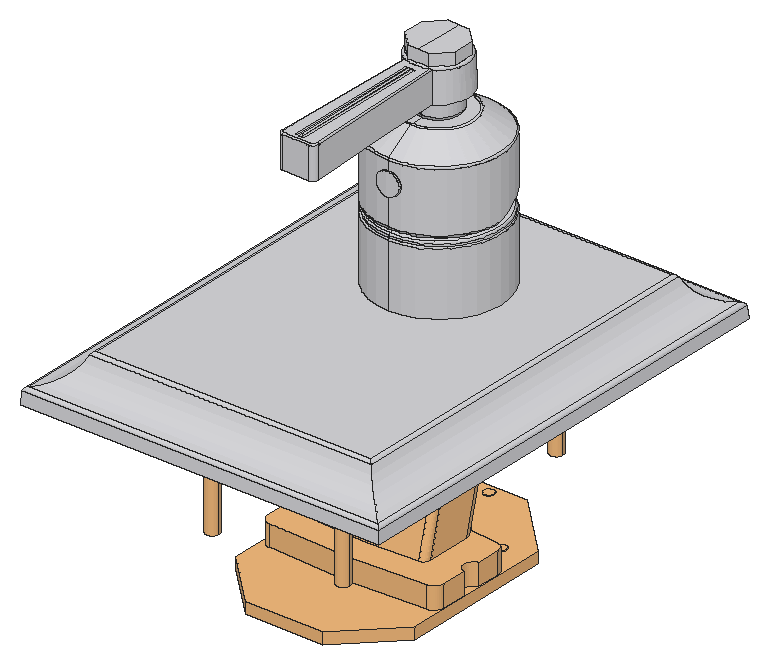
Revit family "Shower-Valve_Trim-KOHLER-MODULO-K-99965T_1", category Plumbing Fixtures, host Face, Revit 2017
Family settings
  Host = Face
  Round Connector Dimension = Use Diameter
  Part Type = Normal
  OmniClass Number = 23.31.25.00
  OmniClass Title = Toilet and Bath Specialties
  Cut with Voids When Loaded = No
  Shared = No
  Room Calculation Point = No
Parameters (values of type "CP-Polished Chrome")
  Width = 5 131/256"  # constant formula
  WaterSense Certified = 1 = 0  # no
  Waste Water Outlet = "Waste Water Outlet"  # constant formula
  Waste Connection = 1 = 0  # no
  Vent Connection = 1 = 0  # no
  URL = "http://www.kohler.com.cn/"
  Type = 1
  Tempered Water Outlet 2 = "Tempered Water Outlet 2"  # constant formula
  Tempered Water Outlet 1 = "Tempered Water Outlet 1"  # constant formula
  Product Page URL = ""
  Product Name = "MODULO"  # constant formula
  Product Documentation Link = ""
  Pressure = 0.00 psi
  Model = "K-99965T-4A-CP"  # constant formula
  Material = "Premium Metal Construction"  # constant formula
  Master Format 2014 Name = "Residential Showers"  # constant formula
  Master Format 2014 = "22 42 23"  # constant formula
  Manufacturer Address = "Kohler Beijing Office (100016) 36-2-03-B, No. 88, Liuxiang Road, Beijing"  # constant formula
  Manufacturer = "KOHLER Co."  # constant formula
  Length = 4 1/64"  # constant formula
  Hot Water Inlet = "Hot Water Inlet"  # constant formula
  Height = 7 11/128"  # constant formula
  Handle Clearance = 2 97/128"  # constant formula
  HW Connection = 1 = 1  # yes
  Flow Rate = 0 GPM
  Finish = Kohler-Metal-CP-Polished_Chrome
  Environmental Product Declaration = ""
  Drain Included = 1 = 0  # no
  Description = "Classic shower only trim and valve"  # constant formula
  Default Elevation = 42"
  Declare Label = ""
  Date Modified = "07/31/2020"  # constant formula
  Date Created = "07/31/2020"  # constant formula
  Copyright = "Copyright KOHLER Co."  # constant formula
  Contact Us = "http://www.kohler.com.cn/contact/contact-us/"
  Cold Water Inlet = "Cold Water Inlet"  # constant formula
  CW Connection = 1 = 1  # yes
  Assembly Code = "D2010700"
  ADA Compliant = 1 = 0  # no
Reference planes (in)
  plane 1 "Center (Front/Back)": y = 0
  plane 2: z = 0
  plane 3 "Center (Left/Right)": x = 0
  plane 4: y = 3.54331
  plane 5: y = -3.54263
  plane 6: x = -2.75591
  plane 7: x = 2.75581
  plane 8: y = 1.04331
  plane 9: x = -0.96457
  plane 10: x = 0.96457
  plane 11: y = 2.00787
  plane 12: y = 0.07874
  plane 13: y = -1.71451
  plane 14: z = 0.66929
  plane 15: z = 4.01562
  plane 16: z = -2.84375
  plane 17: z = 3.81474
  plane 18: z = 3.33575
Forms (in)
  Extrusion 1, void
    sketch origin (0, 0, 0) x (1, 0, 0) y (0, 1, 0)
      loop
        arc (-1.96687, -2.01822) -> (-1.67397, -2.72533) -> (-0.96687, -3.01822) r 1
        line (-0.96687, -3.01822) -> (0.97014, -3.01822)
        arc (0.97014, -3.01822) -> (1.67718, -2.72536) -> (1.97005, -2.01832) r 0.99991
        line (1.97005, -2.01832) -> (1.97005, 2.0073)
        arc (1.97005, 2.0073) -> (1.67718, 2.71435) -> (0.97014, 3.00721) r 0.99991
        line (0.97014, 3.00721) -> (-0.96687, 3.00721)
        arc (-0.96687, 3.00721) -> (-1.67397, 2.71432) -> (-1.96687, 2.00721) r 1
        line (-1.96687, 2.00721) -> (-1.96687, -2.01822)
    from 0 to -2.84375
Dimensions and locks (in)
  "Width": plane 6 to plane 7
  "Height": plane 4 to plane 5
  locked: plane 14 to plane 2 at 0.66929
  "Length": plane 15 to plane 2
  "Handle Clearance": plane 8 to plane 13
  aligned and locked: plane 2 to host face
  aligned and locked: level to host face
Automatic sketch dimensions
  host sketch curve to host sketch curve = 96"  (x2)
  Extrusion 1 sketch curve to plane 6 = 0.78904"
  plane 9 to Extrusion 1 sketch curve = 0.0023"  (x2)
  plane 10 to Extrusion 1 sketch curve = 0.00558"  (x2)
  plane 13 to Extrusion 1 sketch curve = 0.30381"
  Extrusion 1 sketch curve to plane 7 = 0.78576"
  plane 11 to Extrusion 1 sketch curve = 0.00066"
Nested families (in)
  nested 1: "K-99965T" at (0, 0, 0), type "K-99965T"
Connectors (in)
  piping at (-0.96457, 1.04331, -2.84375), diameter 0.5, driven by "HW Connection", driven by "Hot Water Inlet"
    settings: on nested 1, index 1, connector inside diameter 24", connector length 0", flow factor 0, pipe flow 0 GPM, pressure drop 0.00 psi, fitting loss kfactor 0, connector angle 0.00°, fixture units 0, engagement length 0", angle of deflection 0.00°, flow configuration 0, flow direction 1, fitting loss method 0, system type 19, joint type 0, gender type 0, connector reference index -1, connector utility 1, adjustable connector no, is connector primary yes, connector description "Hot Water Inlet"
  piping at (0.96457, 1.04331, -2.84375), diameter 0.5, driven by "CW Connection", driven by "Cold Water Inlet"
    settings: on nested 1, index 2, connector inside diameter 24", connector length 0", flow factor 0, pipe flow 0 GPM, pressure drop 0.00 psi, fitting loss kfactor 0, connector angle 0.00°, fixture units 0, engagement length 0", angle of deflection 0.00°, flow configuration 0, flow direction 1, fitting loss method 0, system type 20, joint type 0, gender type 0, connector reference index -1, connector utility 1, adjustable connector no, is connector primary no, connector description "Cold Water Inlet"
  piping at (0, 0.07874, -2.84375), diameter 0.5, driven by "HW Connection", driven by "Tempered Water Outlet 2"
    settings: on nested 1, index 3, connector inside diameter 24", connector length 0", flow factor 0, pipe flow 0 GPM, pressure drop 0.00 psi, fitting loss kfactor 0, connector angle 0.00°, fixture units 0, engagement length 0", angle of deflection 0.00°, flow configuration 0, flow direction 2, fitting loss method 0, system type 19, joint type 0, gender type 0, connector reference index -1, connector utility 1, adjustable connector no, is connector primary no, connector description "Tempered Water Outlet 2"
  piping at (0, 2.00787, -2.84375), diameter 0.5, driven by "HW Connection", driven by "Tempered Water Outlet 1"
    settings: on nested 1, index 4, connector inside diameter 24", connector length 0", flow factor 0, pipe flow 0 GPM, pressure drop 0.00 psi, fitting loss kfactor 0, connector angle 0.00°, fixture units 0, engagement length 0", angle of deflection 0.00°, flow configuration 0, flow direction 2, fitting loss method 0, system type 19, joint type 0, gender type 0, connector reference index -1, connector utility 1, adjustable connector no, is connector primary no, connector description "Tempered Water Outlet 1"
Definition of nested family "K-99965T"
  Parameters (values of type "K-99965T")
    Material = none
  Reference planes (in)
    plane 1 "Center (Front/Back)": y = 0
    plane 2: z = 0
    plane 3 "Center (Left/Right)": x = 0
    plane 4: x = -2.75591
    plane 5: x = 2.75591
    plane 6: y = 3.54331
    plane 7: y = -3.54331
    plane 8: z = 0.66929
    plane 9: z = 4.01575
    plane 10 "X": y = 1.04331
    plane 11: y = 2.00787
    plane 12: y = 0.07874
    plane 13: x = -0.96457
    plane 14: x = 0.96457
    plane 15: y = -1.7126
  Forms (in)
    Sweep 1, solid, material <- "Material", detail levels medium+fine
      path origin (0, 0, 0) x (1, 0, 0) y (0, 1, 0)
        loop
          line (-2.75591, 3.54331) -> (-2.75591, -3.54331) -> (2.75591, -3.54331) -> (2.75591, 3.54331) -> (-2.75591, 3.54331)
      profile origin (0, 3.54331, 0) x (0, 1, 0) y (0, 0, 1)
        loop
          line (0, 0) -> (-0.01602, 0.18307)
          arc (-0.01602, 0.18307) -> (-0.03369, 0.22088) -> (-0.07158, 0.23842) r 0.06087
          arc (-0.07158, 0.23842) -> (-0.39037, 0.35915) -> (-0.59715, 0.63016) r 0.61997
          arc (-0.59715, 0.63016) -> (-0.61978, 0.65858) -> (-0.6545, 0.66929) r 0.06159
          line (-0.6545, 0.66929) -> (-0.88419, 0.66929) -> (-0.88419, 0) -> (0, 0)
    Extrusion 2, solid, material <- "Material", detail levels medium+fine
      sketch origin (0, 0, 0) x (1, 0, 0) y (0, 1, 0)
        loop
          line (-1.87172, 2.65912) -> (-1.87172, -2.65912) -> (1.87172, -2.65912) -> (1.87172, 2.65912) -> (-1.87172, 2.65912)
      from 0 to 0.66929
    Revolve 3, solid, material <- "Material", detail levels medium+fine
      sketch origin (0, 0, 0) x (0, 1, 0) y (0, 0, 1)
        loop
          line (1.04331, 0.66929) -> (1.04331, 2.18504) -> (0.35689, 2.18504)
          arc (0.35689, 2.18504) -> (0.29571, 2.03709) -> (0.27963, 1.8778) r 0.55127
          arc (0.27963, 1.8778) -> (0.25305, 1.78842) -> (0.1768, 1.73474) r 0.14216
          line (0.1768, 1.73474) -> (0.11785, 1.71784)
          arc (0.11785, 1.71784) -> (0.10351, 1.70798) -> (0.09799, 1.69148) r 0.02743
          line (0.09799, 1.69148) -> (0.09799, 1.65911)
          arc (0.09799, 1.65911) -> (0.08419, 1.65122) -> (0.07874, 1.63629) r 0.02315
          line (0.07874, 1.63629) -> (0.07874, 0.66929) -> (1.04331, 0.66929)
        axis (1.04331, 2.18504) -> (1.04331, 0.66929)
      angle from 0 to 360
    Revolve 4, solid, material <- "Material", detail levels medium+fine
      sketch origin (0, 0, 0) x (0, 1, 0) y (0, 0, 1)
        loop
          line (1.04331, 3.83409) -> (0.63659, 3.83409)
          arc (0.63659, 3.83409) -> (0.61228, 3.82427) -> (0.60162, 3.80032) r 0.035
          line (0.60162, 3.80032) -> (0.58539, 3.33575) -> (0.705, 3.33575) -> (0.71597, 3.07849)
          arc (0.71597, 3.07849) -> (0.72403, 3.05686) -> (0.74326, 3.04409) r 0.03736
          line (0.74326, 3.04409) -> (0.53559, 3.04409)
          arc (0.53559, 3.04409) -> (0.51899, 3.04161) -> (0.50383, 3.03438) r 0.0568
          line (0.50383, 3.03438) -> (0.09565, 2.75906)
          arc (0.09565, 2.75906) -> (0.08323, 2.74527) -> (0.07874, 2.72727) r 0.03835
          line (0.07874, 2.72727) -> (0.07874, 1.81617)
          arc (0.07874, 1.81617) -> (0.08813, 1.79351) -> (0.11078, 1.78413) r 0.03204
          line (0.11078, 1.78413) -> (1.04331, 1.78413) -> (1.04331, 3.83409)
        axis (1.04331, 3.83409) -> (1.04331, 1.78413)
      angle from 0 to 360
    Extrusion 5, solid, material <- "Material", detail levels medium+fine
      sketch origin (0, 0, 0) x (1, 0, 0) y (0, 0, 1)
        loop
          circle (0, 2.4221) r 0.17545
      from -0.33104 to 0.12575
    Extrusion 6, void
      sketch origin (0, 0, 0) x (0, 1, 0) y (0, 0, 1)
        loop
          line (0.81683, 1.75031) -> (2.06964, 1.75031) -> (2.06964, 2.18168) -> (0.81683, 1.75031)
      from -1.33673 to 1.49057
    Extrusion 7, void
      sketch origin (0, 0.05536, 0) x (1, 0, 0) y (0, 1, 0)
        loop
          line (-0.44538, 0.09826) -> (-0.44538, -0.25416) -> (0.43086, -0.25416) -> (0.43086, 0.09155)
          arc (0.43086, 0.09155) -> (-0.008, -0.0014) -> (-0.44538, 0.09826) r 1.04474
      from 2.18504 to 2.73281
    Extrusion 8, solid, detail levels medium+fine
      sketch origin (0.00389, -0.00101, 0) x (1, 0, 0) y (0, 1, 0)
        loop
          line (-0.97075, -3.0154) -> (0.96626, -3.0154)
          arc (0.96626, -3.0154) -> (1.67336, -2.72251) -> (1.96626, -2.0154) r 1
          line (1.96626, -2.0154) -> (1.96626, 2.00822)
          arc (1.96626, 2.00822) -> (1.67336, 2.71533) -> (0.96626, 3.00822) r 1
          line (0.96626, 3.00822) -> (-0.97075, 3.00822)
          arc (-0.97075, 3.00822) -> (-1.67786, 2.71533) -> (-1.97075, 2.00822) r 1
          line (-1.97075, 2.00822) -> (-1.97075, -2.0154)
          arc (-1.97075, -2.0154) -> (-1.67786, -2.72251) -> (-0.97075, -3.0154) r 1
      from -0.07982 to 0
    Extrusion 9, solid, detail levels medium+fine
      sketch origin (0.00291, 0.00652, 0) x (1, 0, 0) y (0, 1, 0)
        loop
          circle (1.00168, 2.04342) r 0.10271
        loop
          circle (1.00168, -2.05059) r 0.10271
        loop
          circle (-1.00617, 2.04342) r 0.10271
        loop
          circle (-1.00617, -2.05059) r 0.10271
      from -1.79044 to -0.07982
    Sweep 10, solid, detail levels medium+fine
      path origin (-0.00043, 0.00916, -0.00479) x (0, 1, 0) y (0, 0, 1)
        loop
          line (0.78311, -2.79502) -> (1.53342, 0.00517)
      profile origin (-0.00043, 1.16742, -1.39971) x (0, -0.965926, 0.258819) y (1, 0, 0)
        loop
          arc (0.25209, 0.486) -> (0.21961, 0.41977) -> (0.15089, 0.39299) r 0.10156
          line (0.15089, 0.39299) -> (0.11122, 0.39299)
          arc (0.11122, 0.39299) -> (0.04154, 0.36496) -> (0.01069, 0.29648) r 0.10061
          line (0.01069, 0.29648) -> (-0.00149, -0.00225) -> (0.01066, -0.30006)
          arc (0.01066, -0.30006) -> (0.0418, -0.36919) -> (0.11214, -0.39749) r 0.10156
          line (0.11214, -0.39749) -> (0.14307, -0.39749)
          arc (0.14307, -0.39749) -> (0.2118, -0.42427) -> (0.24427, -0.4905) r 0.10156
          line (0.24427, -0.4905) -> (0.26949, -0.78891)
          arc (0.26949, -0.78891) -> (0.30197, -0.85514) -> (0.37069, -0.88192) r 0.10156
          line (0.37069, -0.88192) -> (1.05187, -0.88192)
          arc (1.05187, -0.88192) -> (1.12185, -0.85397) -> (1.1533, -0.7855) r 0.10156
          line (1.1533, -0.7855) -> (1.19295, -0.00225) -> (1.15469, 0.75366)
          arc (1.15469, 0.75366) -> (1.12323, 0.82213) -> (1.05326, 0.85008) r 0.10156
          line (1.05326, 0.85008) -> (0.3762, 0.85008)
          arc (0.3762, 0.85008) -> (0.30747, 0.8233) -> (0.27499, 0.75707) r 0.10156
          line (0.27499, 0.75707) -> (0.25209, 0.486)
    Extrusion 11, solid, detail levels medium+fine
      sketch origin (-0.00287, -0.00469, 0) x (1, 0, 0) y (0, 1, 0)
        loop
          arc (0.69439, 0.69724) -> (0.61884, 0.7345) -> (0.5883, 0.81301) r 0.11622
          line (0.5883, 0.81301) -> (0.5883, 0.86632)
          arc (0.5883, 0.86632) -> (0.53381, 1.00191) -> (0.40063, 1.06208) r 0.19594
          line (0.40063, 1.06208) -> (-0.00225, 1.07909) -> (-0.40572, 1.06206)
          arc (-0.40572, 1.06206) -> (-0.53848, 1.00208) -> (-0.5928, 0.86692) r 0.19531
          line (-0.5928, 0.86692) -> (-0.5928, 0.8139)
          arc (-0.5928, 0.8139) -> (-0.62359, 0.73473) -> (-0.69977, 0.69716) r 0.11719
          line (-0.69977, 0.69716) -> (-1.21517, 0.65207)
          arc (-1.21517, 0.65207) -> (-1.31168, 0.60448) -> (-1.35067, 0.5042) r 0.14844
          line (-1.35067, 0.5042) -> (-1.35067, 0.146)
          arc (-1.35067, 0.146) -> (-1.24319, -0.00359) -> (-1.35067, -0.15318) r 0.15784
          line (-1.35067, -0.15318) -> (-1.35067, -0.53234)
          arc (-1.35067, -0.53234) -> (-1.30991, -0.63452) -> (-1.21, -0.68058) r 0.14844
          line (-1.21, -0.68058) -> (-0.00225, -0.74387) -> (1.20551, -0.68058)
          arc (1.20551, -0.68058) -> (1.30541, -0.63452) -> (1.34618, -0.53234) r 0.14844
          line (1.34618, -0.53234) -> (1.34618, -0.15318)
          arc (1.34618, -0.15318) -> (1.23674, -0.00359) -> (1.34618, 0.146) r 0.15696
          line (1.34618, 0.146) -> (1.34618, 0.50371)
          arc (1.34618, 0.50371) -> (1.30704, 0.60435) -> (1.2102, 0.65211) r 0.14896
          line (1.2102, 0.65211) -> (0.69439, 0.69724)
      from -2.82199 to -2.34889
    Extrusion 12, solid, detail levels medium+fine
      sketch origin (-0.0027, 0.06235, 0) x (1, 0, 0) y (0, 1, 0)
        loop
          line (-1.3802, 1.17751) -> (-1.3802, -1.18469) -> (-0.5928, -1.97209) -> (0.5883, -1.97209) -> (1.3757, -1.18469) -> (1.3757, 1.17751) -> (0.46527, 2.08795) -> (-0.46977, 2.08795) -> (-1.3802, 1.17751)
      from -2.84375 to -2.67717
    Extrusion 13, void
      sketch origin (0, 0, 0) x (0, 1, 0) y (0, 0, 1)
        loop
          line (1.63016, -0.07982) -> (1.63016, 0.45683) -> (-0.0046, 0.45683) -> (-0.0046, -0.07982) -> (1.63016, -0.07982)
      from -1.35355 to 1.7037
    Extrusion 14, solid, detail levels coarse
      sketch origin (0, 0, 0) x (1, 0, 0) y (0, 1, 0)
        loop
          line (-1.3829, 1.23987) -> (-1.3829, -1.12234) -> (-0.5955, -1.90974) -> (0.58561, -1.90974) -> (1.37301, -1.12234) -> (1.37301, 1.23987) -> (0.46258, 2.1503) -> (-0.47246, 2.1503) -> (-1.3829, 1.23987)
      from 0 to -2.84375
    Extrusion 15, solid, detail levels medium+fine
      sketch origin (0, 0, 0) x (1, 0, 0) y (0, 1, 0)
        loop
          circle (-0.96457, 1.04331) r 0.07874
        loop
          circle (0, 0.07874) r 0.07874
        loop
          circle (0, 2.00787) r 0.07874
        loop
          circle (0.96457, 1.04331) r 0.07874
      from -2.67717 to -2.84375
    Revolve 16, solid, material <- "Material", detail levels medium+fine
      sketch origin (0, 0, 0) x (0, 1, 0) y (0, 0, 1)
        loop
          line (1.04331, 3.83409) -> (1.04331, 4.01575) -> (0.52657, 4.01575) -> (0.52657, 3.83409) -> (1.04331, 3.83409)
        axis (1.04331, 3.83409) -> (1.04331, 4.01575)
      angle from 0 to 360
    Extrusion 17, void
      sketch origin (0, 0, 0) x (1, 0, 0) y (0, 1, 0)
        loop
          line (-0.16154, 1.42871) -> (-0.39, 1.20025) -> (-0.39, 0.87716) -> (-0.16154, 0.64871) -> (0.16154, 0.64871) -> (0.39, 0.87716) -> (0.39, 1.20025) -> (0.16154, 1.42871) -> (-0.16154, 1.42871)
        loop
          circle (0, 1.03871) r 0.73918
      from 3.71221 to 4.40515
    Sweep 18, solid, material <- "Material", detail levels medium+fine
      path origin (0, 0, 0) x (1, 0, 0) y (0, 1, 0)
        loop
          line (-0.2009, 1.00746) -> (-0.28042, -1.61359)
          arc (-0.28042, -1.61359) -> (-0.25823, -1.67081) -> (-0.20172, -1.69472) r 0.07874
          line (-0.20172, -1.69472) -> (0.20172, -1.69472)
          arc (0.20172, -1.69472) -> (0.25823, -1.67081) -> (0.28042, -1.61359) r 0.07874
          line (0.28042, -1.61359) -> (0.2009, 1.00746)
      profile origin (0, -1.69472, 0) x (0, 1, 0) y (0, 0, 1)
        loop
          line (0, 3.79399) -> (0, 3.30035) -> (0.05259, 3.30035) -> (0.05259, 3.81473) -> (0.02074, 3.81473)
          arc (0.02074, 3.81473) -> (0.00607, 3.80865) -> (0, 3.79399) r 0.02074
    Extrusion 19, void
      sketch origin (0, 0, 0) x (0, 1, 0) y (0, 0, 1)
        loop
          line (1.02412, 3.33575) -> (-0.28778, 3.33575)
          arc (-0.28778, 3.33575) -> (-1.02924, 3.32861) -> (-1.77043, 3.3072) r 38.50896
          line (-1.77043, 3.3072) -> (-1.77043, 3.18434) -> (1.02412, 3.18434) -> (1.02412, 3.33575)
      from -0.57724 to 0.58543
    Extrusion 20, solid, material <- "Material", detail levels medium+fine
      sketch origin (0, 0, 0) x (1, 0, 0) y (0, 1, 0)
        loop
          arc (-0.22785, -1.61519) -> (-0.22049, -1.63419) -> (-0.20172, -1.64213) r 0.02615
          line (-0.20172, -1.64213) -> (0.20172, -1.64213)
          arc (0.20172, -1.64213) -> (0.22049, -1.63419) -> (0.22785, -1.61519) r 0.02615
          line (0.22785, -1.61519) -> (0.14834, 1.00586) -> (-0.14834, 1.00586) -> (-0.22785, -1.61519)
      from 3.27548 to 3.81473
    Sweep 21, void
      path origin (0, 0, 0) x (0, 1, 0) y (0, 0, 1)
        loop
          line (0.49674, 3.81473) -> (-1.61519, 3.81473)
      profile origin (0, -0.55922, 3.81473) x (0, 0, -1) y (1, 0, 0)
        loop
          arc (0, -0.01988) -> (0.01988, 0) -> (0, 0.01988) r 0.01988
          line (0, 0.01988) -> (-0.06199, 0.01988) -> (-0.06199, -0.01988) -> (0, -0.01988)
        loop
          arc (0, -0.07113) -> (0.01988, -0.05126) -> (0, -0.03138) r 0.01988
          line (0, -0.03138) -> (-0.06199, -0.03138) -> (-0.06199, -0.07113) -> (0, -0.07113)
        loop
          line (0, 0.07113) -> (-0.06199, 0.07113) -> (-0.06199, 0.03138) -> (0, 0.03138)
          arc (0, 0.03138) -> (0.01988, 0.05126) -> (0, 0.07113) r 0.01988
    Extrusion 22, solid, material <- "Material", detail levels coarse
      sketch origin (0, 0, 0) x (1, 0, 0) y (0, 1, 0)
        loop
          line (2.75591, 3.54331) -> (-2.75591, 3.54331) -> (-2.75591, -3.54331) -> (2.75591, -3.54331) -> (2.75591, 3.54331)
      from 0 to 0.66929
    Revolve 23, solid, material <- "Material", detail levels coarse
      sketch origin (0, 0, 0) x (0, 1, 0) y (0, 0, 1)
        loop
          line (1.04331, 0.66929) -> (1.04331, 4.01575) -> (0.64871, 4.01575) -> (0.64871, 3.83409) -> (0.58383, 3.83409) -> (0.58383, 3.33575) -> (0.65238, 3.33575) -> (0.65238, 3.04409) -> (0.51639, 3.04409) -> (0.07874, 2.7489) -> (0.07874, 0.66929) -> (1.04331, 0.66929)
        axis (1.04331, 4.01575) -> (1.04331, 0.66929)
      angle from 0 to 360
    Extrusion 24, solid, material <- "Material", detail levels coarse
      sketch origin (0, 0, 0) x (0, 1, 0) y (0, 0, 1)
        loop
          line (-1.7126, 3.81473) -> (-1.7126, 3.37769) -> (1.04331, 3.37769) -> (1.04331, 3.81473) -> (-1.7126, 3.81473)
      from -0.27494 to 0.28987
  Cuts and joins
    Extrusion 6 cuts Revolve 4
    Extrusion 7 cuts Extrusion 5
    Extrusion 17 cuts Revolve 16
    Extrusion 19 cuts Sweep 18
    Extrusion 19, Sweep 21 cuts Extrusion 20
    joined: Sweep 1, Extrusion 2, Revolve 3, Revolve 4, Extrusion 5, Revolve 16, Sweep 18, Extrusion 20
    Extrusion 13 cuts Sweep 10
    joined: Extrusion 8, Extrusion 9, Sweep 10, Extrusion 11, Extrusion 12
    joined: Extrusion 22, Revolve 23, Extrusion 24
  Lines and regions (in)
    Masking region 1
      outline origin (0, 0, 0) x (0, 1, 0) y (0, 0, 1)
        loop
          line (3.54331, 0) -> (3.52695, 0.18698)
          spline (3.52695, 0.18698) -> (3.52481, 0.19392) -> (3.52221, 0.20054) -> (3.51918, 0.20678) -> (3.51574, 0.21258) -> (3.51193, 0.21789) -> (3.50779, 0.22265) -> (3.50334, 0.22682) -> (3.49864, 0.23035) -> (3.49372, 0.23323) -> (3.48864, 0.23542) -> (3.48345, 0.23689) -> (3.47818, 0.23765)
          arc (3.47818, 0.23765) -> (3.15449, 0.358) -> (2.94521, 0.6326) r 0.61997
          spline (2.94521, 0.6326) -> (2.94174, 0.63848) -> (2.93795, 0.64393) -> (2.93386, 0.64892) -> (2.9295, 0.65343) -> (2.9249, 0.65741) -> (2.9201, 0.66085) -> (2.91512, 0.66371) -> (2.91, 0.66599) -> (2.90478, 0.66766) -> (2.89949, 0.6687) -> (2.89416, 0.66913) -> (2.88883, 0.66892)
          line (2.88883, 0.66892) -> (2.00787, 0.66892) -> (2.00787, 1.63628)
          arc (2.00787, 1.63628) -> (2.00242, 1.65121) -> (1.98863, 1.65911) r 0.02316
          line (1.98863, 1.65911) -> (1.98863, 1.69338)
          arc (1.98863, 1.69338) -> (1.9834, 1.70878) -> (1.96988, 1.71782) r 0.0253
          line (1.96988, 1.71782) -> (1.91616, 1.73221)
          arc (1.91616, 1.73221) -> (1.84045, 1.7826) -> (1.81074, 1.86856) r 0.14224
          arc (1.81074, 1.86856) -> (1.80226, 1.97616) -> (1.77857, 2.08146) r 0.75726
          line (1.77857, 2.08146) -> (2.00787, 2.16042) -> (2.00787, 2.72567)
          arc (2.00787, 2.72567) -> (2.00276, 2.74618) -> (1.98862, 2.76189) r 0.04368
          line (1.98862, 2.76189) -> (1.58987, 3.03085)
          arc (1.58987, 3.03085) -> (1.56919, 3.04071) -> (1.54654, 3.04409) r 0.0775
          line (1.54654, 3.04409) -> (1.34335, 3.04409)
          arc (1.34335, 3.04409) -> (1.36249, 3.06213) -> (1.37029, 3.08724) r 0.05173
          line (1.37029, 3.08724) -> (1.37902, 3.28428)
          arc (1.37902, 3.28428) -> (1.39559, 3.32081) -> (1.43282, 3.33575) r 0.05385
          line (1.43282, 3.33575) -> (1.50122, 3.33575) -> (1.48546, 3.787)
          arc (1.48546, 3.787) -> (1.46765, 3.82327) -> (1.42871, 3.83409) r 0.04938
          line (1.42871, 3.83409) -> (1.42871, 4.01575) -> (0.64871, 4.01575) -> (0.64871, 3.83409)
          arc (0.64871, 3.83409) -> (0.62477, 3.83121) -> (0.60717, 3.81473) r 0.03872
          line (0.60717, 3.81473) -> (-1.68898, 3.81473)
          arc (-1.68898, 3.81473) -> (-1.70568, 3.80781) -> (-1.7126, 3.79111) r 0.02362
          line (-1.7126, 3.79111) -> (-1.7126, 3.30938)
          arc (-1.7126, 3.30938) -> (-1.00031, 3.32916) -> (-0.28778, 3.33575) r 38.50896
          line (-0.28778, 3.33575) -> (0.65238, 3.33575)
          arc (0.65238, 3.33575) -> (0.69063, 3.3204) -> (0.70766, 3.28286) r 0.05534
          line (0.70766, 3.28286) -> (0.71632, 3.08724)
          arc (0.71632, 3.08724) -> (0.72412, 3.06213) -> (0.74326, 3.04409) r 0.05173
          line (0.74326, 3.04409) -> (0.54008, 3.04409)
          arc (0.54008, 3.04409) -> (0.51742, 3.04071) -> (0.49674, 3.03085) r 0.0775
          line (0.49674, 3.03085) -> (0.098, 2.76189)
          arc (0.098, 2.76189) -> (0.08385, 2.74618) -> (0.07874, 2.72567) r 0.04368
          line (0.07874, 2.72567) -> (0.07874, 2.61784) -> (0.05419, 2.59724) -> (0.05419, 2.24821) -> (0.07874, 2.22367) -> (0.07874, 1.82233)
          arc (0.07874, 1.82233) -> (0.09003, 1.79508) -> (0.11728, 1.78379) r 0.03854
          line (0.11728, 1.78379) -> (0.24708, 1.78379)
          arc (0.24708, 1.78379) -> (0.21307, 1.75161) -> (0.17045, 1.73221) r 0.14224
          line (0.17045, 1.73221) -> (0.11674, 1.71782)
          arc (0.11674, 1.71782) -> (0.10321, 1.70878) -> (0.09799, 1.69338) r 0.0253
          line (0.09799, 1.69338) -> (0.09799, 1.65911)
          arc (0.09799, 1.65911) -> (0.08419, 1.65121) -> (0.07874, 1.63628) r 0.02316
          line (0.07874, 1.63628) -> (0.07874, 0.66892) -> (-2.88883, 0.66892)
          spline (-2.88883, 0.66892) -> (-2.89416, 0.66913) -> (-2.89949, 0.6687) -> (-2.90478, 0.66766) -> (-2.91, 0.66599) -> (-2.91512, 0.66371) -> (-2.9201, 0.66085) -> (-2.9249, 0.65741) -> (-2.9295, 0.65343) -> (-2.93386, 0.64892) -> (-2.93795, 0.64393) -> (-2.94174, 0.63848) -> (-2.94521, 0.6326)
          arc (-2.94521, 0.6326) -> (-3.15449, 0.358) -> (-3.4782, 0.23791) r 0.61997
          spline (-3.4782, 0.23791) -> (-3.48345, 0.23689) -> (-3.48864, 0.23542) -> (-3.49372, 0.23323) -> (-3.49864, 0.23035) -> (-3.50334, 0.22682) -> (-3.50779, 0.22265) -> (-3.51193, 0.21789) -> (-3.51574, 0.21258) -> (-3.51918, 0.20678) -> (-3.52221, 0.20054) -> (-3.52481, 0.19392) -> (-3.52695, 0.18698)
          line (-3.52695, 0.18698) -> (-3.54331, 0) -> (3.54331, 0)
    Masking region 2
      outline origin (0, 0, 0) x (0, 1, 0) y (0, 0, 1)
        loop
          line (3.00721, -0.07982) -> (3.00721, 0) -> (-3.01641, 0) -> (-3.01641, -0.07982) -> (-2.14679, -0.07982) -> (-2.14679, -1.79044) -> (-1.94136, -1.79044) -> (-1.94136, -0.07982) -> (0.3255, -0.07982) -> (-0.32195, -2.34889) -> (-0.74856, -2.34889) -> (-0.74856, -2.67717) -> (-1.90974, -2.67717) -> (-1.90974, -2.84375) -> (2.1503, -2.84375) -> (2.1503, -2.67717) -> (1.38486, -2.67717) -> (1.0744, -2.67717) -> (1.0744, -2.34889) -> (0.91463, -2.34889) -> (1.52262, -0.07982) -> (1.94722, -0.07982) -> (1.94722, -1.79044) -> (2.15265, -1.79044) -> (2.15265, -0.07982) -> (3.00721, -0.07982)
    Masking region 3
      outline origin (0, 0, 0) x (1, 0, 0) y (0, 0, 1)
        loop
          spline (2.15781, 0.6326) -> (2.15459, 0.63808) -> (2.15108, 0.6432) -> (2.14732, 0.64793) -> (2.14332, 0.65224) -> (2.13911, 0.6561) -> (2.1347, 0.6595) -> (2.13014, 0.66241) -> (2.12543, 0.66481) -> (2.12062, 0.6667) -> (2.11573, 0.66805) -> (2.11079, 0.66887) -> (2.10582, 0.66929)
          line (2.10582, 0.66929) -> (0.96457, 0.66929) -> (0.96457, 1.63383)
          arc (0.96457, 1.63383) -> (0.95921, 1.64971) -> (0.94532, 1.65911) r 0.02623
          line (0.94532, 1.65911) -> (0.94532, 1.69152)
          arc (0.94532, 1.69152) -> (0.9396, 1.70836) -> (0.92482, 1.71824) r 0.02766
          line (0.92482, 1.71824) -> (0.87494, 1.7316)
          arc (0.87494, 1.7316) -> (0.83082, 1.75142) -> (0.7952, 1.78413) r 0.15147
          line (0.7952, 1.78413) -> (0.92813, 1.78413)
          arc (0.92813, 1.78413) -> (0.95389, 1.7948) -> (0.96457, 1.82057) r 0.03644
          line (0.96457, 1.82057) -> (0.96457, 2.71974)
          arc (0.96457, 2.71974) -> (0.95787, 2.74659) -> (0.93936, 2.76715) r 0.05718
          line (0.93936, 2.76715) -> (0.55058, 3.02939)
          arc (0.55058, 3.02939) -> (0.52781, 3.04025) -> (0.50285, 3.04398) r 0.08536
          line (0.50285, 3.04398) -> (0.30163, 3.04398)
          arc (0.30163, 3.04398) -> (0.32027, 3.05966) -> (0.32805, 3.08274) r 0.04516
          line (0.32805, 3.08274) -> (0.33858, 3.28352)
          arc (0.33858, 3.28352) -> (0.35568, 3.32062) -> (0.39362, 3.33575) r 0.05512
          line (0.39362, 3.33575) -> (0.45791, 3.33575) -> (0.44203, 3.79059)
          arc (0.44203, 3.79059) -> (0.42572, 3.82395) -> (0.39, 3.83409) r 0.04556
          line (0.39, 3.83409) -> (0.39, 4.01575) -> (-0.39, 4.01575) -> (-0.39, 3.83409)
          arc (-0.39, 3.83409) -> (-0.42572, 3.82395) -> (-0.44203, 3.79059) r 0.04556
          line (-0.44203, 3.79059) -> (-0.45791, 3.33575) -> (-0.39124, 3.33575)
          arc (-0.39124, 3.33575) -> (-0.35306, 3.32039) -> (-0.33616, 3.28287) r 0.05512
          line (-0.33616, 3.28287) -> (-0.32805, 3.08274)
          arc (-0.32805, 3.08274) -> (-0.32027, 3.05966) -> (-0.30163, 3.04398) r 0.04516
          line (-0.30163, 3.04398) -> (-0.50285, 3.04398)
          arc (-0.50285, 3.04398) -> (-0.52781, 3.04025) -> (-0.55058, 3.02939) r 0.08536
          line (-0.55058, 3.02939) -> (-0.93936, 2.76715)
          arc (-0.93936, 2.76715) -> (-0.95787, 2.74659) -> (-0.96457, 2.71974) r 0.05718
          line (-0.96457, 2.71974) -> (-0.96457, 1.82057)
          arc (-0.96457, 1.82057) -> (-0.95389, 1.7948) -> (-0.92813, 1.78413) r 0.03644
          line (-0.92813, 1.78413) -> (-0.7952, 1.78413)
          arc (-0.7952, 1.78413) -> (-0.83082, 1.75142) -> (-0.87494, 1.7316) r 0.15147
          line (-0.87494, 1.7316) -> (-0.92482, 1.71824)
          arc (-0.92482, 1.71824) -> (-0.9396, 1.70836) -> (-0.94532, 1.69152) r 0.02766
          line (-0.94532, 1.69152) -> (-0.94532, 1.65911)
          arc (-0.94532, 1.65911) -> (-0.95921, 1.64971) -> (-0.96457, 1.63383) r 0.02623
          line (-0.96457, 1.63383) -> (-0.96457, 0.66929) -> (-2.10582, 0.66914)
          spline (-2.10582, 0.66914) -> (-2.11079, 0.66887) -> (-2.11573, 0.66805) -> (-2.12062, 0.6667) -> (-2.12543, 0.66481) -> (-2.13014, 0.66241) -> (-2.1347, 0.6595) -> (-2.13911, 0.6561) -> (-2.14332, 0.65224) -> (-2.14732, 0.64793) -> (-2.15108, 0.6432) -> (-2.15459, 0.63808) -> (-2.15781, 0.6326)
          arc (-2.15781, 0.6326) -> (-2.36709, 0.358) -> (-2.69078, 0.23765) r 0.61997
          spline (-2.69078, 0.23765) -> (-2.69604, 0.23689) -> (-2.70124, 0.23542) -> (-2.70632, 0.23323) -> (-2.71124, 0.23035) -> (-2.71594, 0.22682) -> (-2.72038, 0.22265) -> (-2.72453, 0.21789) -> (-2.72834, 0.21258) -> (-2.73178, 0.20678) -> (-2.73481, 0.20054) -> (-2.73741, 0.19392) -> (-2.73955, 0.18698)
          line (-2.73955, 0.18698) -> (-2.75591, 0) -> (0.02642, 0) -> (2.75591, 0) -> (2.73955, 0.18698)
          spline (2.73955, 0.18698) -> (2.73741, 0.19392) -> (2.73481, 0.20054) -> (2.73178, 0.20678) -> (2.72834, 0.21258) -> (2.72453, 0.21789) -> (2.72038, 0.22265) -> (2.71594, 0.22682) -> (2.71124, 0.23035) -> (2.70632, 0.23323) -> (2.70124, 0.23542) -> (2.69604, 0.23689) -> (2.6908, 0.23791)
          arc (2.6908, 0.23791) -> (2.36709, 0.358) -> (2.15781, 0.6326) r 0.61997
    Masking region 4, detail levels medium+fine
      outline origin (0, 0, 0) x (1, 0, 0) y (0, 0, 1)
        loop
          line (1.97014, 0) -> (-1.97014, 0) -> (-1.97014, -0.07982) -> (-1.1073, -0.07982) -> (-1.1073, -1.79044) -> (-0.90188, -1.79044) -> (-0.90188, -0.07982) -> (-0.84966, -0.07982) -> (-0.84966, -2.34889) -> (-1.3433, -2.34889) -> (-1.3433, -2.67717) -> (-1.4086, -2.67717) -> (-1.4086, -2.84375) -> (0.04908, -2.84375) -> (1.4086, -2.84375) -> (1.4086, -2.67717) -> (1.3433, -2.67717) -> (1.3433, -2.34889) -> (0.84966, -2.34889) -> (0.84966, -0.07982) -> (0.90188, -0.07982) -> (0.90188, -1.79044) -> (1.1073, -1.79044) -> (1.1073, -0.07982) -> (1.97014, -0.07982) -> (1.97014, 0)
    Masking region 5
      outline origin (0, 0, 0) x (1, 0, 0) y (0, 1, 0)
        loop
          line (2.75591, 3.54331) -> (-2.75591, 3.54331) -> (-2.75591, -3.54331) -> (2.75591, -3.54331) -> (2.75591, 3.54331)
    symbolic lines, detail levels medium+fine
      curve 1: line (0, 2.00787, 0.66892) -> (0, 0.07874, 0.66892)
      curve 2: line (0, 3.52644, 0.1869) -> (0, -3.52644, 0.1869)
      curve 3: line (0, -3.47828, 0.23813) -> (0, 3.47828, 0.23813)
      curve 4: line (0, 2.9442, 0.62825) -> (0, -2.94424, 0.62825)
      curve 5: line (0, 2.00787, 0.66892) -> (0, 0.07874, 0.66892)
      curve 6: line (0, 2.00787, 1.63628) -> (0, 0.07874, 1.63628)
      curve 7: line (0, 1.98863, 1.65911) -> (0, 0.09799, 1.65911)
      curve 8: line (0, 1.98863, 1.69338) -> (0, 0.09799, 1.69338)
      curve 9: line (0, 1.96988, 1.71782) -> (0, 0.11674, 1.71782)
      curve 10: line (0, 0.24708, 1.78379) -> (0, 0.91874, 1.78379)
      curve 11: line (0, 0.91874, 1.78379) -> (0, 1.77857, 2.08146)
      curve 12: arc (0, 0.07874, 2.61784) -> (0, 0.09484, 2.42075) -> (0, 0.07874, 2.22367) r 1.21447
      curve 13: arc (0, 0.05419, 2.59724) -> (0, 0.06738, 2.42273) -> (0, 0.05419, 2.24821) r 1.16141
      curve 14: line (0, 2.00787, 2.72567) -> (0, 0.07874, 2.72567)
      curve 15: line (0, 1.98862, 2.76189) -> (0, 0.098, 2.76189)
      curve 16: line (0, 1.34335, 3.04409) -> (0, 0.74326, 3.04409)
      curve 17: line (0, 1.58987, 3.03085) -> (0, 0.49674, 3.03085)
      curve 18: line (0, 1.05739, -2.67717) -> (0, -0.74856, -2.67717)
      curve 19: line (0, 1.23987, -2.67717) -> (0, 1.23987, -2.84375)
      curve 20: line (0, -1.12234, -2.67717) -> (0, -1.12234, -2.84375)
      curve 21: line (0, 0.91463, -2.34889) -> (0, -0.32195, -2.34889)
      curve 22: line (0, -0.15787, -2.34889) -> (0, -0.15787, -2.67717)
      curve 23: line (0, 0.14132, -2.34889) -> (0, 0.14132, -2.67717)
      curve 24: line (0, 2.15265, -0.07982) -> (0, 1.94722, -0.07982)
      curve 25: line (0, 1.52262, -0.07982) -> (0, 0.3271, -0.07982)
      curve 26: line (0, -1.94136, -0.07982) -> (0, -2.14679, -0.07982)
      curve 27: line (0, 1.26819, -0.07982) -> (0, 0.63424, -2.34889)
      curve 28: line (0, 1.19594, -0.07982) -> (0, 0.52932, -2.34889)
      curve 29: line (0.96457, 0, 0.66929) -> (-0.96457, 0, 0.66929)
      curve 30: line (2.73989, 0, 0.18307) -> (-2.73989, 0, 0.18307)
      curve 31: line (-2.68436, 0, 0.23758) -> (2.68438, 0, 0.23758)
      curve 32: line (2.15684, 0, 0.62825) -> (-2.15924, 0, 0.62825)
      curve 33: line (0.96457, 0, 0.66929) -> (-0.96457, 0, 0.66929)
      curve 34: line (0.96457, 0, 1.63383) -> (-0.96457, 0, 1.63383)
      curve 35: line (0.94532, 0, 1.65911) -> (-0.94532, 0, 1.65911)
      curve 36: line (0.94532, 0, 1.69152) -> (-0.94532, 0, 1.69152)
      curve 37: line (0.92482, 0, 1.71824) -> (-0.92482, 0, 1.71824)
      curve 38: arc (0.66646, 0, 2.07209) -> (0.33621, 0, 2.13902) -> (0, 0, 2.16146) r 2.52894
      curve 39: arc (0.92482, 0, 1.93162) -> (0.8038, 0, 2.01687) -> (0.66646, 0, 2.07209) r 0.64124
      curve 40: arc (0.96457, 0, 1.8519) -> (0.95233, 0, 1.89557) -> (0.92482, 0, 1.93162) r 0.12042
      curve 41: arc (0.52978, 0, 2.01326) -> (0.26705, 0, 2.06402) -> (0, 0, 2.08103) r 2.10457
      curve 42: arc (0.6785, 0, 1.9486) -> (0.60666, 0, 1.98673) -> (0.52978, 0, 2.01326) r 0.5232
      curve 43: arc (0.7952, 0, 1.78413) -> (0.75301, 0, 1.87783) -> (0.6785, 0, 1.9486) r 0.2665
      curve 44: arc (-0.66646, 0, 2.07209) -> (-0.33621, 0, 2.13902) -> (0, 0, 2.16146) r 2.52894
      curve 45: arc (-0.92482, 0, 1.93162) -> (-0.8038, 0, 2.01687) -> (-0.66646, 0, 2.07209) r 0.64124
      curve 46: arc (-0.96457, 0, 1.8519) -> (-0.95233, 0, 1.89557) -> (-0.92482, 0, 1.93162) r 0.12042
      curve 47: arc (-0.52978, 0, 2.01326) -> (-0.26705, 0, 2.06402) -> (0, 0, 2.08103) r 2.10457
      curve 48: arc (-0.6785, 0, 1.9486) -> (-0.60666, 0, 1.98673) -> (-0.52978, 0, 2.01326) r 0.5232
      curve 49: arc (-0.7952, 0, 1.78413) -> (-0.75301, 0, 1.87783) -> (-0.6785, 0, 1.9486) r 0.2665
      curve 50: line (0.96457, 0, 2.71974) -> (-0.96457, 0, 2.71974)
      curve 51: line (0.93936, 0, 2.76715) -> (-0.93936, 0, 2.76715)
      curve 52: line (0.30163, 0, 3.04398) -> (-0.30163, 0, 3.04398)
      curve 53: line (0.55058, 0, 3.02939) -> (-0.55058, 0, 3.02939)
      curve 54: line (1.1073, 0, -0.07982) -> (0.90188, 0, -0.07982)
      curve 55: line (0.8495, 0, -0.07982) -> (-0.84966, 0, -0.07982)
      curve 56: line (-0.90055, 0, -0.07982) -> (-1.1073, 0, -0.07982)
      curve 57: line (0.84966, 0, -2.34889) -> (-0.84966, 0, -2.34889)
      curve 58: line (1.3433, 0, -2.67717) -> (-1.35355, 0, -2.67717)
      curve 59: line (0.46258, 0, -2.67717) -> (0.46258, 0, -2.84375)
      curve 60: line (-0.47246, 0, -2.67717) -> (-0.47246, 0, -2.84375)
      curve 61: line (0.58543, 0, -2.34889) -> (0.58543, 0, -2.67717)
      curve 62: line (-0.59567, 0, -2.34889) -> (-0.59567, 0, -2.67717)
      curve 63: line (0.39776, 0, -2.34889) -> (0.39776, 0, -0.07982)
      curve 64: line (-0.39776, 0, -2.34889) -> (-0.39776, 0, -0.07982)
      curve 75: line (-2.68434, 3.4717, 0) -> (2.68434, 3.4717, 0)
      curve 76: line (-2.68434, 3.4717, 0) -> (-2.68434, -3.4717, 0)
      curve 77: line (2.68434, 3.4717, 0) -> (2.68434, -3.4717, 0)
      curve 78: line (-2.68434, -3.4717, 0) -> (2.68434, -3.4717, 0)
      curve 79: line (-2.1568, 2.94439, 0) -> (-2.1568, -2.94424, 0)
      curve 80: line (-2.1568, -2.94424, 0) -> (2.16105, -2.94424, 0)
      curve 81: line (2.16105, -2.94424, 0) -> (2.16105, 2.94439, 0)
      curve 82: line (2.16105, 2.94439, 0) -> (-2.1568, 2.94439, 0)
      curve 83: line (-2.10143, 2.88882, 0) -> (-2.10143, -2.88882, 0)
      curve 84: line (-2.10143, -2.88882, 0) -> (2.10143, -2.88882, 0)
      curve 85: line (2.10143, -2.88882, 0) -> (2.10143, 2.88882, 0)
      curve 86: line (2.10143, 2.88882, 0) -> (-2.10143, 2.88882, 0)
      curve 87: arc (0.22825, 0.10613, 0) -> (0, 2.00787, 0) -> (-0.22825, 0.10613, 0) r 0.96457
      curve 88: arc (0.22761, 0.12729, 0) -> (0, 1.98718, 0) -> (-0.22761, 0.12729, 0) r 0.94387
      curve 89: line (0, 1.37029, 3.08724) -> (0, 0.71632, 3.08724)
      curve 90: line (0, 1.37902, 3.28428) -> (0, 0.70758, 3.28428)
      curve 91: line (0, 1.43282, 3.33575) -> (0, 0.65238, 3.33575)
      curve 92: line (0, 1.42871, 3.83409) -> (0, 0.64871, 3.83409)
      curve 93: line (0, 1.20025, 4.01575) -> (0, 1.20025, 3.83409)
      curve 94: line (0, 0.87716, 4.01575) -> (0, 0.87716, 3.83409)
      curve 95: line (0, 0.60717, 3.81473) -> (0, 0.58539, 3.33575)
      curve 96: line (0.32805, 0, 3.08274) -> (-0.32805, 0, 3.08274)
      curve 97: line (0.33858, 0, 3.28352) -> (-0.33619, 0, 3.28352)
      curve 98: line (0.39362, 0, 3.33575) -> (-0.39124, 0, 3.33575)
      curve 99: line (0.39, 0, 3.83409) -> (-0.39, 0, 3.83409)
      curve 100: line (0.16154, 0, 4.01575) -> (0.16154, 0, 3.83409)
      curve 101: line (-0.16154, 0, 4.01575) -> (-0.16154, 0, 3.83409)
      curve 102: arc (0.21454, 0.5579, 0) -> (0, 1.57402, 0) -> (-0.21454, 0.5579, 0) r 0.53071
      curve 103: arc (0.21392, 0.57852, 0) -> (0, 1.55496, 0) -> (-0.21392, 0.57852, 0) r 0.51165
      curve 104: arc (0.21213, 0.63749, 0) -> (0, 1.50122, 0) -> (-0.21213, 0.63749, 0) r 0.45791
      curve 105: line (-0.39, 0.87716, 0) -> (-0.16154, 0.64871, 0)
      curve 106: line (-0.16154, 0.64871, 0) -> (0, 0.64871, 0)
      curve 107: line (0, 1.42871, 0) -> (-0.16154, 1.42871, 0)
      curve 108: line (-0.16154, 1.42871, 0) -> (-0.39, 1.20025, 0)
      curve 109: line (-0.39, 1.20025, 0) -> (-0.39, 0.87716, 0)
      curve 110: line (0.39, 0.87716, 0) -> (0.16154, 0.64871, 0)
      curve 111: line (0.16154, 0.64871, 0) -> (0, 0.64871, 0)
      curve 112: line (0, 1.42871, 0) -> (0.16154, 1.42871, 0)
      curve 113: line (0.16154, 1.42871, 0) -> (0.39, 1.20025, 0)
      curve 114: line (0.39, 1.20025, 0) -> (0.39, 0.87716, 0)
      curve 115: line (-0.21145, 0.6597, 0) -> (-0.28186, -1.66091, 0)
      curve 116: line (-0.23171, -1.7126, 0) -> (0.23171, -1.7126, 0)
      curve 117: arc (-0.28186, -1.66091, 0) -> (-0.26772, -1.69736, 0) -> (-0.23171, -1.7126, 0) r 0.05017
      curve 118: line (0.21145, 0.6597, 0) -> (0.28186, -1.66091, 0)
      curve 119: arc (0.28186, -1.66091, 0) -> (0.26772, -1.69736, 0) -> (0.23171, -1.7126, 0) r 0.05017
      curve 120: circle (0, 1.04331, 0) r 0.43803 normal (0, 0, 1)
      curve 121: line (-0.07113, -1.61519, 0) -> (-0.07113, 0.49674, 0)
      curve 122: line (-0.01988, -1.61519, 0) -> (-0.01988, 0.49674, 0)
      curve 123: line (-0.03138, 0.49674, 0) -> (-0.03138, -1.61519, 0)
      curve 124: line (0.01988, 0.49674, 0) -> (0.01988, -1.61519, 0)
      curve 125: line (0.03138, -1.61519, 0) -> (0.03138, 0.49674, 0)
      curve 126: line (0.07113, 0.49674, 0) -> (0.07113, -1.61519, 0)
      curve 127: line (-0.07113, 0.49674, 0) -> (-0.03138, 0.49674, 0)
      curve 128: line (-0.01988, 0.49674, 0) -> (0.01988, 0.49674, 0)
      curve 129: line (0.03138, 0.49674, 0) -> (0.07113, 0.49674, 0)
      curve 130: line (-0.07113, -1.61519, 0) -> (-0.03138, -1.61519, 0)
      curve 131: line (-0.01988, -1.61519, 0) -> (0.01988, -1.61519, 0)
      curve 132: line (0.03138, -1.61519, 0) -> (0.07113, -1.61519, 0)
    symbolic lines, detail levels coarse
      curve 65: line (0, 0, -0.90883) -> (0.28371, 0, -0.74504)
      curve 66: line (0, 0, -0.90883) -> (0.28371, 0, -1.07263)
      curve 67: line (0.28371, 0, -0.74504) -> (0.28371, 0, -1.07263)
      curve 68: line (0, 0, -0.90883) -> (-0.28371, 0, -0.74504)
      curve 69: line (0, 0, -0.90883) -> (-0.28371, 0, -1.07263)
      curve 70: line (-0.28371, 0, -0.74504) -> (-0.28371, 0, -1.07263)
      curve 71: line (0, 0, -0.90883) -> (0, 0, -1.39291)
      curve 72: line (0, 0, -1.39291) -> (0.19685, 0, -1.39291)
      curve 73: line (0, 0, -1.39291) -> (-0.19685, 0, -1.39291)
      curve 74: arc (0.19685, 0, -1.39291) -> (0, 0, -1.52059) -> (-0.19685, 0, -1.39291) r 0.21559
  Dimensions and locks (in)
    locked: plane 4 to plane 5 at 5.51181
    locked: plane 7 to plane 6 at 7.08661
    locked: plane 8 to plane 2 at 0.66929
    locked: plane 9 to plane 2 at 4.01575
    locked: plane 10 "X" to plane 15 at 2.75591
    aligned and locked: plane 2 to level
    aligned and locked: plane 13 to Extrusion 15 sketch curve
    aligned and locked: plane 10 "X" to Extrusion 15 sketch curve  (x2)
    aligned and locked: plane 3 "Center (Left/Right)" to Extrusion 15 sketch curve  (x2)
    aligned and locked: plane 11 to Extrusion 15 sketch curve
    aligned and locked: plane 14 to Extrusion 15 sketch curve
    aligned and locked: plane 12 to Extrusion 15 sketch curve
    aligned and locked: Extrusion 22 sketch curve to plane 6
